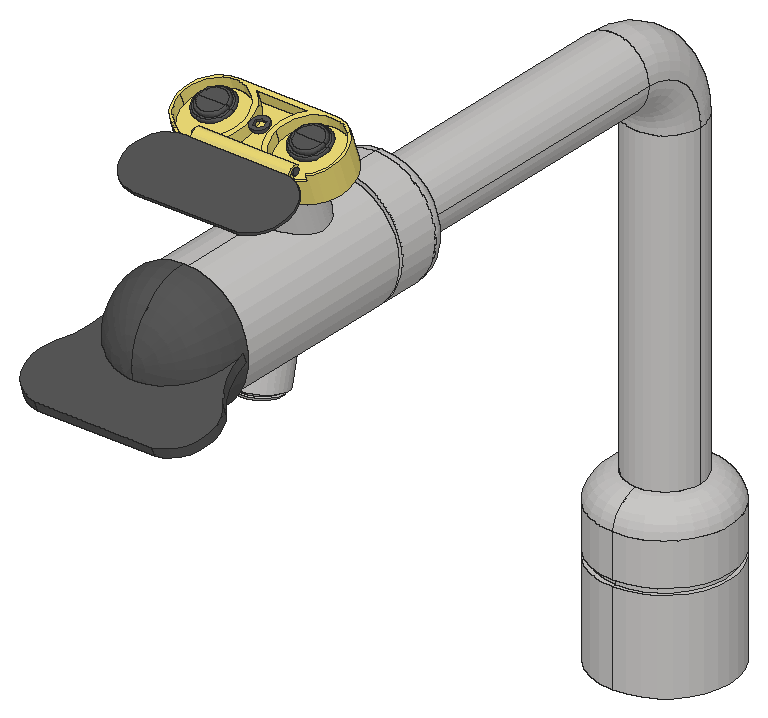
Revit family "SEF-18100-8", category Plumbing Fixtures, Revit 2023
Family settings
  Round Connector Dimension = Use Diameter
  Part Type = Normal
  OmniClass Number = 23.45.00.00
  OmniClass Title = Sanitary, Laundry, and Cleaning Equipment
  Work Plane-Based = No
  Enable Cutting in Views = No
  Always vertical = Yes
  Cut with Voids When Loaded = No
  Maintain Annotation Orientation = No
  Shared = No
  Room Calculation Point = No
Parameters
  Default Elevation = 0"
Reference planes (in)
  plane 1 "Center (Front/Back)": y = 0
  plane 2: z = 0
  plane 3 "Center (Left/Right)": x = 0
  plane 4: z = 0
  plane 5: z = 8.604
  plane 6 "Center L/S": y = -7.875
  plane 7: z = 10.865
  plane 8: z = 7.25
  plane 9 "Center L/T": y = -7.985
  plane 10 "Center L/U": y = -1.47
  plane 11 "Center L/V": y = -3.5
  plane 12: z = 4.624
  plane 13: y = -5.375
  plane 14: y = -10.375
  plane 15: y = -9.36
  plane 16: through (480, -8.23508, 10.66716) normal (0, -0.342, 0.9397)
  plane 17: through (480, -8.23508, 10.66716) normal (0, -0.9397, -0.342)
  plane 18: through (480, -7.23105, 11.0326) normal (0, -0.9397, -0.342)
  plane 19: through (480, -7.94437, 7.2604) normal (0, -0.9781, 0.2079)
  plane 20 "Center L/X": y = -9.11
  plane 21: through (480, -7.15558, 8.92506) normal (0, -0.9397, -0.342)
  plane 22 "Center L/Y": y = -7.875
  plane 23: z = 8.74234
  plane 24: through (480, -7.6576, 8.74234) normal (0, -0.342, 0.9397)
Forms (in)
  Revolve 1, solid, material "stailes steel"
    sketch origin (0, 0, 0) x (0, 1, 0) y (0, 0, 1)
      loop
        line (0, 2.626) -> (0, 0) -> (1.015, 0) -> (1.015, 1.4396) -> (0.94893, 1.4396) -> (0.94893, 1.53836) -> (1.015, 1.53836) -> (1.015, 2.20016)
        arc (1.015, 2.20016) -> (0.8634, 2.49646) -> (0.55682, 2.626) r 0.48657
        line (0.55682, 2.626) -> (0, 2.626)
      axis (0, 2.626) -> (0, 0)
    angle from 0 to 360
  Sweep 2, solid, material "stailes steel"
    path origin (0, -2.485, 1.998) x (0, 1, 0) y (0, 0, 1)
      loop
        line (2.485, 0.628) -> (2.485, 5.591)
        arc (2.485, 5.591) -> (2.18771, 6.30871) -> (1.47, 6.606) r 1.015
        line (1.47, 6.606) -> (-2.89, 6.606)
    profile origin (0, 0, 5.1075) x (0, -1, 0) y (1, 0, 0)
      loop
        circle (0, 0) r 0.55682
  Revolve 3, solid, material "stailes steel"
    sketch origin (0, -2.485, 1.998) x (0, 1, 0) y (0, 0, 1)
      loop
        line (-6.87061, 6.606) -> (-6.87061, 5.6742) -> (-3.8506, 5.6742) -> (-3.8506, 5.75791) -> (-3.77829, 5.75791) -> (-3.77829, 5.6742) -> (-3.14, 5.6742)
        arc (-3.14, 5.6742) -> (-2.96322, 5.74743) -> (-2.89, 5.9242) r 0.25
        line (-2.89, 5.9242) -> (-2.89, 6.606) -> (-6.87061, 6.606)
      axis (-6.87061, 6.606) -> (-2.89, 6.606)
    angle from 0 to 360
  Revolve 4, solid, material "black plactic"
    sketch origin (0, -2.485, 1.998) x (0, 1, 0) y (0, 0, 1)
      loop
        line (-6.87061, 6.606) -> (-6.87061, 7.606)
        arc (-6.87061, 7.606) -> (-7.57771, 7.31311) -> (-7.87061, 6.606) r 1
        line (-7.87061, 6.606) -> (-6.87061, 6.606)
      axis (-7.87061, 6.606) -> (-6.87061, 6.606)
    angle from 0 to 360
  Extrusion 5, solid, material "Black"
    sketch origin (0, -0.61314, 4.75101) x (1, 0, 0) y (0, 0.939693, 0.34202)
      loop
        line (-0.90764, -8.70609) -> (0.90764, -8.70609)
        arc (0.90764, -8.70609) -> (1.38946, -8.34068) -> (1.28845, -7.74445) r 0.58335
        arc (1.28845, -7.74445) -> (1.06599, -7.36615) -> (0.99201, -6.93357) r 1.21829
        arc (0.99201, -6.93357) -> (-0.00053, -7.80329) -> (-0.99122, -6.93146) r 1
        arc (-0.99122, -6.93146) -> (-1.06541, -7.36517) -> (-1.28845, -7.74445) r 1.22155
        arc (-1.28845, -7.74445) -> (-1.38946, -8.34068) -> (-0.90764, -8.70609) r 0.58335
    from 6.606 to 6.76284
  Revolve 6, solid, material "stailes steel"
    sketch origin (0, -1.75952, 2.10587) x (0, 0.999848, 0.017452) y (0, -0.017452, 0.999848)
      loop
        line (-6.11237, 5.34898) -> (-5.95855, 6.01522) -> (-6.3983, 6.11674) -> (-6.55211, 5.4505) -> (-6.11237, 5.34898)
      axis (-5.95855, 6.01522) -> (-6.11237, 5.34898)
    angle from 0 to 360
  Revolve 7, solid, material "stailes steel"
    sketch origin (0, -1.75952, 2.10587) x (0, 0.999848, 0.017452) y (0, -0.017452, 0.999848)
      loop
        line (-6.13476, 5.252) -> (-6.11222, 5.3496) -> (-6.45935, 5.42974) -> (-6.49303, 5.41749) -> (-6.48139, 5.38551) -> (-6.50785, 5.36743) -> (-6.49621, 5.33545) -> (-6.13476, 5.252)
      axis (-6.11222, 5.3496) -> (-6.13476, 5.252)
    angle from 0 to 360
  Extrusion 8, solid, material "yellow"
    sketch origin (0, 0.93555, 4.64) x (1, 0, 0) y (0, 0.939693, 0.34202)
      loop
        arc (-0.75, -5.60336) -> (-1.28424, -6.1376) -> (-0.75, -6.67183) r 0.53424
        line (-0.75, -6.67183) -> (0.75, -6.67183)
        arc (0.75, -6.67183) -> (1.28424, -6.1376) -> (0.75, -5.60336) r 0.53424
        line (0.75, -5.60336) -> (-0.75, -5.60336)
    from 8.367 to 8.867
  Revolve 9, solid, material "black plactic"
    sketch origin (0.07238, -4.86248, 2.71909) x (1, 0, 0) y (0, -0.34202, 0.939693)
      loop
        line (-0.81642, 8.78072) -> (-1.028, 8.78072)
        arc (-1.028, 8.78072) -> (-1.05867, 8.75005) -> (-1.028, 8.71939) r 0.03066
        line (-1.028, 8.71939) -> (-1.09196, 8.71939)
        arc (-1.09196, 8.71939) -> (-1.11469, 8.69666) -> (-1.09196, 8.67394) r 0.02273
        line (-1.09196, 8.67394) -> (-0.81642, 8.67394) -> (-0.81642, 8.78072)
      axis (-0.81642, 8.78072) -> (-0.81642, 8.67394)
    angle from 0 to 360
  Revolve 10, solid, material "black plactic"
    sketch origin (-0.07238, -4.84329, 2.58666) x (-1, 0, 0) y (0, 0.34202, -0.939693)
      loop
        line (-0.81642, -8.78072) -> (-0.81642, -8.67394) -> (-1.09196, -8.67394)
        arc (-1.09196, -8.67394) -> (-1.11469, -8.69666) -> (-1.09196, -8.71939) r 0.02273
        line (-1.09196, -8.71939) -> (-1.028, -8.71939)
        arc (-1.028, -8.71939) -> (-1.05867, -8.75005) -> (-1.028, -8.78072) r 0.03066
        line (-1.028, -8.78072) -> (-0.81642, -8.78072)
      axis (-0.81642, -8.78072) -> (-0.81642, -8.67394)
    angle from 0 to 360
  Extrusion 11, solid, material "black plactic"
    sketch origin (0, 0.90052, 4.73625) x (1, 0, 0) y (0, 0.939693, 0.34202)
      loop
        circle (0, -6.1376) r 0.1333
      loop
        line (0.08128, -6.15938) -> (0.0595, -6.07809) -> (-0.02178, -6.05631) -> (-0.08128, -6.11582) -> (-0.0595, -6.1971) -> (0.02178, -6.21888) -> (0.08128, -6.15938)
    from 8.66437 to 8.80094
  Extrusion 12, solid, material "yellow"
    sketch origin (0, 0.93555, 4.64) x (0, 0.939693, 0.34202) y (0, -0.34202, 0.939693)
      loop
        arc (-6.48571, 8.88472) -> (-6.64092, 8.91771) -> (-6.68995, 8.76679) r 0.11857
        line (-6.68995, 8.76679) -> (-6.48571, 8.88472)
    from -0.67108 to 0.85204
  Extrusion 13, solid, material "black plactic"
    sketch origin (0, -0.06848, 4.27456) x (1, 0, 0) y (0, 0.939693, 0.34202)
      loop
        line (0.75, -5.60336) -> (-0.75, -5.60336)
        arc (-0.75, -5.60336) -> (-1.28424, -6.1376) -> (-0.75, -6.67183) r 0.53424
        line (-0.75, -6.67183) -> (0.75, -6.67183)
        arc (0.75, -6.67183) -> (1.28424, -6.1376) -> (0.75, -5.60336) r 0.53424
    from 8.84664 to 8.88213
  Revolve 14, solid, material "stailes steel"
    sketch origin (0, -3.15796, 1.03938) x (0, 0.984808, -0.173648) y (0, 0.173648, 0.984808)
      loop
        line (-6.44829, 7.98135) -> (-5.76888, 6.80458) -> (-5.30621, 7.0717) -> (-5.98562, 8.24847) -> (-6.44829, 7.98135)
      axis (-5.98562, 8.24847) -> (-5.30621, 7.0717)
    angle from 0 to 360
  Revolve 15, solid
    sketch origin (0, -3.15796, 1.03938) x (0, 0.984808, -0.173648) y (0, 0.173648, 0.984808)
      loop
        arc (-6.55539, 8.16687) -> (-6.4694, 8.09284) -> (-6.44829, 7.98135) r 0.17187
        line (-6.44829, 7.98135) -> (-5.98562, 8.24847) -> (-6.09273, 8.43399) -> (-6.55539, 8.16687)
      axis (-6.09273, 8.43399) -> (-5.98562, 8.24847)
    angle from 0 to 360
  Extrusion 16, void
    sketch origin (0, -2.09714, 12.97225) x (-1, 0, 0) y (0, 0.939693, 0.34202)
      loop
        circle (-0.74404, -6.14276) r 0.5
      loop
        circle (0.74404, -6.14276) r 0.5
      loop
        line (0.38881, -5.68665) -> (-0.38881, -5.68665)
        arc (-0.38881, -5.68665) -> (-0.16592, -6.14276) -> (-0.38881, -6.59887) r 0.57812
        line (-0.38881, -6.59887) -> (0.38881, -6.59887)
        arc (0.38881, -6.59887) -> (0.16592, -6.14276) -> (0.38881, -5.68665) r 0.57812
    from 0 to 0.18125
  Revolve 17, solid, material "black plactic"
    sketch origin (1.57238, -4.86248, 2.71909) x (1, 0, 0) y (0, -0.34202, 0.939693)
      loop
        line (-0.81642, 8.78072) -> (-1.028, 8.78072)
        arc (-1.028, 8.78072) -> (-1.05867, 8.75005) -> (-1.028, 8.71939) r 0.03066
        line (-1.028, 8.71939) -> (-1.09196, 8.71939)
        arc (-1.09196, 8.71939) -> (-1.11469, 8.69666) -> (-1.09196, 8.67394) r 0.02273
        line (-1.09196, 8.67394) -> (-0.81642, 8.67394) -> (-0.81642, 8.78072)
      axis (-0.81642, 8.78072) -> (-0.81642, 8.67394)
    angle from 0 to 360
  Extrusion 18, solid, material "black plactic"
    sketch origin (0, 2.52825, 3.14628) x (0, 0.939693, 0.34202) y (0, -0.34202, 0.939693)
      loop
        circle (-7.56572, 10.81537) r 0.05096
    from -0.69654 to 0.88572
  Extrusion 19, void
    sketch origin (0, 2.52825, 3.14628) x (1, 0, 0) y (0, 0.939693, 0.34202)
      loop
        arc (-0.67108, -7.62317) -> (-0.8571, -7.61557) -> (-1.02745, -7.54044) r 0.5
        line (-1.02745, -7.54044) -> (-1.05144, -7.56443)
        arc (-1.05144, -7.56443) -> (-0.90776, -7.63377) -> (-0.75, -7.6576) r 0.53424
        line (-0.75, -7.6576) -> (-0.67108, -7.6576) -> (-0.67108, -7.62317)
    from 10.72563 to 10.83309
  Extrusion 20, void
    sketch origin (0, 2.52825, 3.14628) x (1, 0, 0) y (0, 0.939693, 0.34202)
      loop
        line (0.86049, -7.60578) -> (0.87306, -7.65268)
        arc (0.87306, -7.65268) -> (0.96366, -7.62076) -> (1.04931, -7.57726) r 0.73256
        line (1.04931, -7.57726) -> (1.02528, -7.54193)
        arc (1.02528, -7.54193) -> (0.94586, -7.58155) -> (0.86049, -7.60578) r 0.47724
    from 10.71517 to 10.85173
Cuts and joins
  Extrusion 16, Extrusion 19, Extrusion 20 cuts Revolve 3
  Extrusion 16, Extrusion 19, Extrusion 20 cuts Extrusion 8
  Extrusion 16, Extrusion 19, Extrusion 20 cuts Extrusion 12
  joined: Extrusion 8, Extrusion 12
  Extrusion 16 cuts Revolve 10
  Extrusion 16 cuts Extrusion 11
  joined: Revolve 10, Extrusion 11
  Extrusion 16 cuts Revolve 9
  Extrusion 16 cuts Revolve 14
  Extrusion 16 cuts Revolve 15
  Extrusion 19 cuts Extrusion 13
Dimensions and locks (in)
  level to plane 5 = 8.604"
  plane 6 "Center L/S" to plane 1 "Center (Front/Back)" = 7 7/8"
  plane 5 to plane 7 = 2.261"
  plane 9 "Center L/T" to plane 1 "Center (Front/Back)" = 7.985"
  plane 20 "Center L/X" to plane 1 "Center (Front/Back)" = 9.11"
  level to plane 8 = 7 1/4"
  angle plane 19 to plane 1 "Center (Front/Back)" = 12.00°
  angle plane 21 to plane 5 = 70.00°
  aligned and locked: level to plane 2
